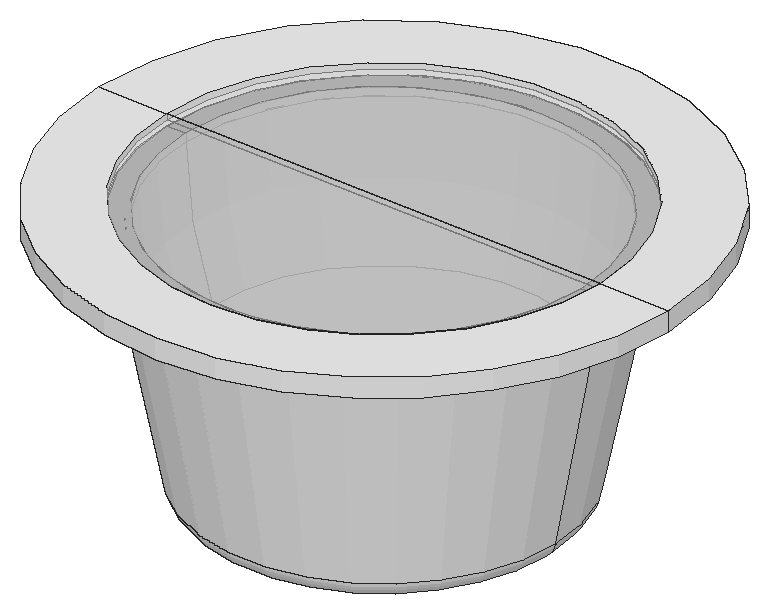
Revit family "2060578+2028036 Sylvania Lighting Fixture ASCENT 100 II ARCH 3700 4K DALI EMG 160 with IP44 Frost Glass", category Lighting Fixtures, host Face, Revit 2016
Family settings
  Host = Face
  Part Type = Normal
  Round Connector Dimension = Use Diameter
  OmniClass Number = 23.80.70.11.17
  OmniClass Title = Specialized Lighting by Location or Use
  Cut with Voids When Loaded = No
  Light Source = Yes
  Shared = No
  Room Calculation Point = No
Parameters (values of type "2060578+2028036 ASCT100 II ARCH 3700 4K DALI EMG 160 with IP44 Frost Glass Emergency mode")
  WidthBezelAcc_SYL = 25.0 mm
  Weight = "1.92 kg"
  Wattage = 1.61017 W
  WarrantyStartDate [instance] = "n/a"
  WarrantyGuarantorParts = "n/a"
  WarrantyDurationUnit = "n/a"
  WarrantyDurationParts = "n/a"
  WarrantyDescription = "n/a"
  built-in parameter 1150110 = 1 (stored number, unit not read)
  Voltage = 0 V
  VisibilityAccessory_SYL = yes
  TypeName = "ASCT100 II ARCH 3700 4K DALI EMG 160 with IP44 Frost Glass Emergency mode"
  built-in parameter 1114217 = 1 (stored number, unit not read)
  Tilt Angle = -90°
  built-in parameter 1150109 = 1 (stored number, unit not read)
  built-in parameter 1150134 = 12
  built-in parameter 1150113 = 1 (stored number, unit not read)
  SerialNumber [instance] = "n/a"
  ReflectorRadius_SYL = Radius_SYL - 14.5 mm  # 80.0 mm
  RadiusAcc_SYL = 105.0 mm
  Radius_SYL = 94.5 mm
  URL = "http://www.sylvania-lighting.com"
  PowerFactor = 0
  PowerConsumption = "32 W"
  Photometric Web File = "2060578EM.ies"
  NominalWidth = 0.0 mm
  NominalLength = 0.0 mm
  NominalHeight = 94.0 mm
  Name = "ASCT100 II ARCH 3700 4K DALI EMG 160 with IP44 Frost Glass Emergency mode"
  ModelReference = "ASCT100 II ARCH 3700 4K DALI EMG 160 with IP44 Frost Glass Emergency mode"
  ModelNumber = "2060578+2028036"
  Material_4_SYL = none
  Material_3_SYL = Polycarbonate_Sylvania_Ascent_Clear
  Material_2_SYL = Aluminium_Sylvania_Ascent_Silver
  Material_1_SYL = Aluminum_Sylvania_Ascent_White
  Material = "aluminium housing, arcylic diffuser"
  ManufacturerName = "Feilo Sylvania"
  LuminousEfficacy = "118 lm/W"
  built-in parameter 1150105 = 15.12 (stored number, unit not read)
  Lumens = 190 lm
  LuminaireType = ""
  built-in parameter 1150115 = 1 (stored number, unit not read)
  LightOutputRatio = "100"
  built-in parameter 1150137 = (empty or 0)
  built-in parameter 1150139 = (empty or 0)
  LampsType = Lamp  # "LED"
  LampNominalLuminous = "3766 lm"
  LampMacAdamStep = "3"
  LampColourTemperature = "4000 K"
  LampColourRenderingIndex = "80"
  built-in parameter 1150112 = 1 (stored number, unit not read)
  built-in parameter 1150114 = 1 (stored number, unit not read)
  Keynote = "16500"
  InstallationDate [instance] = "n/a"
  InputVoltage = "n/a"
  InputNominalFrequency = "n/a"
  built-in parameter 1150132 = (empty or 0)
  built-in parameter 1150102 = (empty or 0)
  built-in parameter 1150107 = 4000 (stored number, unit not read)
  built-in parameter 1150138 = (empty or 0)
  IngressProtection = "IP44"
  ImpactProtectionIndex = "IK02"
  built-in parameter 1150106 = 0.1512 (stored number, unit not read)
  IfcExportType = "IfcLightFixtureType"
  IfcExportAs = "IfcLightFixtureType"
  Height_SYL = 94.0 mm
  HeightAcc_SYL = 7.0 mm
  ExpectedLife = 50000
  EmittionSurface_SYL = if(VisibilityAccessory_SYL, 7.0 mm, 3.0 mm)  # 7.0 mm
  Emit from Circle Diameter = DiffuserRadius_SYL * 2  # 146.0 mm
  Emit Shape Visible in Rendering = no
  ElectricShockClassification = "Class II"
  built-in parameter 1150104 = 10.963 (stored number, unit not read)
  DurationUnit = "hours"
  DocumentationLiterature = "http://www.sylvania-lighting.com/product/en-int/products/2060578"
  DimmingControlOptions = "n/a"
  Dimming Lamp Color Temperature Shift = <None>
  DiffuserRadius_SYL = ReflectorRadius_SYL - 7.0 mm  # 73.0 mm
  Diameter_SYL = 2 * Radius_SYL  # 189.0 mm
  CutoutDiameter_SYL = Diameter_SYL - 13.0 mm  # 176.0 mm
  CreatedOn = "9/17/2018"
  CreatedBy = "@sylvania-lighting.com"
  Color Filter = 16777215
  built-in parameter 1114216 [instance] = 1 (stored number, unit not read)
  Model = "ASCT100 II ARCH 3700 4K DALI EMG 160 with IP44 Frost Glass Emergency mode"
  Manufacturer = "Feilo Sylvania"
  Lamp = "LED"
  Description = "Direct LED retro fit for original LED 100 Arch (160) single CFL lamp offering Matching lumen levels and improved light distribution of original LED 100 CFL lamp equivalents Typically half the power consumption compared to CFL Up to 112lm/W 160mm aperture Architectural reflector accepts range of glass accessories from existing LED 100 Arch 160 offering HE, HO and VHO versions equivalent of single 1 x 18W, 1 x 32W, 1 x 42W\r\n Additional VVHO versions which offer the performance circa 2 x 32W equivalent"  # constant formula
  Default Elevation = 0.0 mm
  built-in parameter 1140040 [instance] = 1
  BarCode [instance] = "n/a"
  built-in parameter 1114218 = 1 (stored number, unit not read)
  built-in parameter 1150133 = 10 (stored number, unit not read)
  AssetType = "Fixed"
  AssetIdentifier [instance] = "n/a"
  Assembly Code = "D5020200"
  Apparent Load = 1.61017 VA
  Aperture_SYL = 2 * ReflectorRadius_SYL  # 160.0 mm
Types (2, lengths in mm): name | Wattage | TypeName | Photometric Web File | Name | ModelReference | Material_3_SYL | built-in parameter 1150105 | Lumens | built-in parameter 1150106 | Model | Apparent Load
  2060578+2028036 ASCT100 II ARCH 3700 4K DALI EMG 160 with IP44 Frost Glass Emergency mode | 1.61017 W | "ASCT100 II ARCH 3700 4K DALI EMG 160 with IP44 Frost Glass Emergency mode" | "2060578EM.ies" | "ASCT100 II ARCH 3700 4K DALI EMG 160 with IP44 Frost Glass Emergency mode" | "ASCT100 II ARCH 3700 4K DALI EMG 160 with IP44 Frost Glass Emergency mode" | Polycarbonate_Sylvania_Ascent_Clear | 15.12 (stored number, unit not read) | 190 lm | 0.1512 (stored number, unit not read) | "ASCT100 II ARCH 3700 4K DALI EMG 160 with IP44 Frost Glass Emergency mode" | 1.61017 VA
  2060578+2028036 ASCT100 II ARCH 3700 4K DALI EMG 160 with IP44 Frost Glass | 32 W | "ASCENT 100 II ARCH 3700 4K DALI EMG 160 with IP44 Frost Glass" | "2060578.ies" | "ASCENT 100 II ARCH 3700 4K DALI EMG 160 with IP44 Frost Glass" | "ASCENT 100 II ARCH 3700 4K DALI EMG 160 with IP44 Frost Glass" | Polycarbonate_Sylvania_Ascent_Opal | 300.48 (stored number, unit not read) | 3776 lm | 3.0048 (stored number, unit not read) | "ASCENT 100 II ARCH 3700 4K DALI EMG 160 with IP44 Frost Glass" | 32 VA
Reference planes
  plane 1 "Center (Front/Back)": y = 0
  plane 2: z = 0
  plane 3 "Center (Left/Right)": x = 0
  plane 4 "Fixture Bottom": z = 3
  plane 5: z = -52.5
  plane 6 "Fixture Top": z = -91
  plane 7: x = -105
  plane 8: z = 7
  plane 9: x = -80
  plane 10: z = 5
  plane 11: x = -103
Forms (mm)
  Extrusion 1, solid, material "Aluminum_Sylvania_Ascent_White", detail levels fine
    sketch origin (0, 0, 0) x (1, 0, 0) y (0, 1, 0)
      loop
        circle (0, 0) r 94.5
      loop
        circle (0, 0) r 80
    from 0 to 3
  Extrusion 2, void
    sketch origin (0, 0, 0) x (1, 0, 0) y (0, 1, 0)
      loop
        circle (0, 0) r 88
    from -91 to 3
  Revolve 3, solid, material "Aluminum_Sylvania_Ascent_White" <- "Material_1_SYL", detail levels fine
    sketch origin (0, 0, 0) x (1, 0, 0) y (0, 0, 1)
      loop
        line (0, -91.073) -> (0, -89.023) -> (-55.468, -89.014)
        arc (-55.468, -89.014) -> (-59.352, -87.613) -> (-61.54, -84.139) r 6.307
        line (-61.54, -84.139) -> (-77.991, -2.844) -> (-77.991, 0) -> (-80, 0) -> (-80, -3) -> (-63.5, -84.536)
        arc (-63.5, -84.536) -> (-60.643, -89.203) -> (-55.5, -91.073) r 8.291
        line (-55.5, -91.073) -> (0, -91.073)
      axis (0, 0) -> (0, -91.073)
    angle from 0 to 360
  Revolve 4, solid, material "Aluminium_Sylvania_Ascent_Silver" <- "Material_2_SYL", detail levels fine
    sketch origin (0, 0, 0) x (1, 0, 0) y (0, 0, 1)
      loop
        line (-80, 3) -> (-80, 0) -> (-75, 0)
        arc (-75, 0) -> (-72.349, -26.77) -> (-64.5, -52.5) r 136.5
        line (-64.5, -52.5) -> (-58, -52.5)
        arc (-58, -52.5) -> (-56.857, -61.521) -> (-53.5, -69.971) r 36.166
        line (-53.5, -69.971) -> (0, -69.971) -> (0, -50.5) -> (-63.16, -50.5)
        arc (-63.16, -50.5) -> (-70.517, -25.725) -> (-73, 0) r 134.5
        line (-73, 0) -> (-73, 3) -> (-80, 3)
      axis (0, 3) -> (0, -69.971)
    angle from 0 to 360
  Extrusion 5, solid, material "Polycarbonate_Sylvania_Ascent_Clear" <- "Material_3_SYL", detail levels fine
    sketch origin (0, 0, 0) x (1, 0, 0) y (0, 1, 0)
      loop
        circle (0, 0) r 73
    from 0 to 3
  Revolve 6, solid, material "Aluminum_Sylvania_Ascent_White" <- "Material_1_SYL", detail levels coarse+medium
    sketch origin (0, 0, 0) x (1, 0, 0) y (0, 0, 1)
      loop
        line (0, -91.073) -> (0, 3) -> (-94.5, 3) -> (-94.5, 0) -> (-79.5, 0) -> (-79.5, -3) -> (-63, -84.536)
        arc (-63, -84.536) -> (-60.143, -89.203) -> (-55, -91.073) r 8.291
        line (-55, -91.073) -> (0, -91.073)
      axis (0, 3) -> (0, -91.073)
    angle from 0 to 360
  Revolve 7, solid, material "Aluminum_Sylvania_Ascent_White" <- "Material_1_SYL", visible <- "VisibilityAccessory_SYL"
    sketch origin (0, 0, 0) x (1, 0, 0) y (0, 0, 1)
      loop
        line (-105, 0) -> (-103, 0) -> (-103, 5) -> (-80, 5) -> (-80, 7) -> (-105, 7) -> (-105, 0)
      axis (0, 7) -> (0, 0)
    angle from 0 to 360
  Revolve 8, solid, material "Polycarbonate_Sylvania_Ascent_Clear" <- "Material_3_SYL", visible <- "VisibilityAccessory_SYL"
    sketch origin (0, 0, 0) x (1, 0, 0) y (0, 0, 1)
      loop
        line (-80, 7) -> (-80, 5) -> (0, 5) -> (0, 7) -> (-80, 7)
      axis (0, 7) -> (0, 5)
    angle from 0 to 360
Lines and regions (mm)
  reference lines
    curve 1: line (-150, 0, 7) -> (125, 0, 7)
Dimensions and locks
  locked: plane 4 "Fixture Bottom" to plane 2 at 3
  "Height_SYL": plane 4 "Fixture Bottom" to plane 6 "Fixture Top"
  "ReflectorRadius_SYL": plane 3 "Center (Left/Right)" to Revolve 4 sketch curve
  locked: Revolve 4 sketch curve to Revolve 4 sketch curve at 15.5
  locked: Revolve 4 sketch curve to Revolve 4 sketch curve at 5
  locked: Revolve 4 sketch curve to Revolve 4 sketch curve at 7
  locked: Revolve 4 sketch curve to Revolve 4 sketch curve at 22
  locked: Revolve 4 sketch curve to Revolve 4 sketch curve at 26.5
  locked: Revolve 3 sketch curve to Revolve 3 sketch curve at 16.5
  locked: Revolve 3 sketch curve to Revolve 3 sketch curve at 24.5
  "ReflectorRadius_SYL": Revolve 3 sketch curve to plane 3 "Center (Left/Right)"
  locked: Revolve 3 sketch curve to plane 6 "Fixture Top" at 6.464
  locked: plane 2 to Revolve 3 sketch curve at 3
  locked: Revolve 3 sketch curve to Revolve 3 sketch curve at 2
  locked: Revolve 3 sketch curve to Revolve 3 sketch curve at 2.009
  locked: plane 2 to plane 5 at 52.5
  locked: Revolve 6 sketch curve to Revolve 6 sketch curve at 31.5
  locked: Revolve 6 sketch curve to Revolve 6 sketch curve at 39.5
  locked: Revolve 6 sketch curve to Revolve 6 sketch curve at 15
  "Radius_SYL": plane 3 "Center (Left/Right)" to Revolve 6 sketch curve
  "RadiusAcc_SYL": plane 3 "Center (Left/Right)" to plane 7
  "HeightAcc_SYL": plane 8 to level
  "WidthBezelAcc_SYL": plane 7 to plane 9
  locked: plane 7 to plane 11 at 2
  locked: plane 8 to plane 10 at 2
  "EmittionSurface_SYL": curve 1 to level
  "CutoutDiameter_SYL": diameter of Extrusion 2 sketch curve
  "ReflectorRadius_SYL": radius of Extrusion 1 sketch curve
  "DiffuserRadius_SYL": radius of Extrusion 5 sketch curve
  "Radius_SYL": radius of Extrusion 1 sketch curve
  aligned and locked: host face to plane 2
  aligned and locked: host face to level
  aligned and locked: plane 4 "Fixture Bottom" to Extrusion 1
  aligned and locked: Extrusion 1 to plane 2
  aligned and locked: Revolve 3 sketch curve to plane 3 "Center (Left/Right)"
  aligned and locked: Revolve 4 sketch curve to plane 3 "Center (Left/Right)"  (x2)
  aligned and locked: plane 4 "Fixture Bottom" to Revolve 4 sketch curve
  aligned and locked: Extrusion 5 to plane 2
  aligned and locked: plane 2 to Revolve 3 sketch curve  (x2)
  aligned and locked: Revolve 6 sketch curve to plane 3 "Center (Left/Right)"
  aligned and locked: plane 6 "Fixture Top" to Extrusion 2
  aligned and locked: Revolve 7 sketch curve to plane 3 "Center (Left/Right)"
  aligned and locked: host face to Revolve 7 sketch curve  (x2)
  aligned and locked: Revolve 7 sketch curve to plane 7
  aligned and locked: plane 8 to Revolve 7 sketch curve
  aligned and locked: plane 9 to Revolve 7 sketch curve
  aligned and locked: Revolve 7 sketch curve to plane 10
  aligned and locked: plane 11 to Revolve 7 sketch curve
  aligned and locked: Revolve 7 to Revolve 8 sketch curve
  aligned and locked: Revolve 8 sketch curve to Revolve 7  (x2)
  aligned and locked: Revolve 8 sketch curve to plane 3 "Center (Left/Right)"  (x2)
  aligned and locked: plane 3 "Center (Left/Right)" to imposter light
  aligned and locked: imposter light to plane 1 "Center (Front/Back)"
  aligned and locked: imposter light to curve 1
Automatic sketch dimensions
  plane 1 "Center (Front/Back)" to Extrusion 2 sketch curve = 0.0 mm
  Extrusion 2 sketch curve to plane 3 "Center (Left/Right)" = 0.0 mm
  Extrusion 1 sketch curve to Extrusion 1 sketch curve = 0.0 mm  (x2)
  plane 1 "Center (Front/Back)" to Extrusion 1 sketch curve = 0.0 mm
  Extrusion 1 sketch curve to plane 3 "Center (Left/Right)" = 0.0 mm
  plane 6 "Fixture Top" to Revolve 3 sketch curve = 0.073 mm
  Revolve 3 sketch curve to plane 6 "Fixture Top" = 6.861 mm
  Revolve 3 sketch curve to Revolve 3 sketch curve = 0.003 mm
  Revolve 3 sketch curve to Revolve 3 sketch curve = 0.009 mm  (x2)
  Revolve 3 sketch curve to Revolve 3 sketch curve = 0.023 mm
  Revolve 3 sketch curve to Revolve 3 sketch curve = 0.072 mm
  Revolve 3 sketch curve to Revolve 3 sketch curve = 0.008 mm
  Revolve 3 sketch curve to plane 6 "Fixture Top" = 1.977 mm
  Revolve 3 sketch curve to Revolve 3 sketch curve = 33.496 mm
  Revolve 3 sketch curve to Revolve 3 sketch curve = 0.028 mm
  plane 4 "Fixture Bottom" to Revolve 3 sketch curve = 82.431 mm
  Revolve 4 sketch curve to Revolve 4 sketch curve = 0.0 mm  (x2)
  Revolve 4 sketch curve to plane 5 = 0.0 mm
  Revolve 4 sketch curve to level = 0.0 mm
  plane 5 to Revolve 4 sketch curve = 2.0 mm
  plane 4 "Fixture Bottom" to Revolve 4 sketch curve = 9.642 mm
  plane 1 "Center (Front/Back)" to Extrusion 5 sketch curve = 0.0 mm
  Extrusion 5 sketch curve to plane 3 "Center (Left/Right)" = 0.0 mm
  Revolve 4 sketch curve to level = 69.971 mm
  Revolve 4 sketch curve to Revolve 4 sketch curve = 2.387 mm
  Revolve 6 sketch curve to level = 0.0 mm
  Revolve 6 sketch curve to plane 3 "Center (Left/Right)" = 0.0 mm
  Revolve 6 sketch curve to Revolve 6 sketch curve = 8.104 mm
  Revolve 6 sketch curve to level = 3.0 mm
  Revolve 6 sketch curve to plane 6 "Fixture Top" = 6.464 mm
  plane 6 "Fixture Top" to Revolve 6 sketch curve = 0.073 mm
  Revolve 6 sketch curve to Revolve 6 sketch curve = 33.496 mm
  plane 4 "Fixture Bottom" to Revolve 6 sketch curve = 82.431 mm
  host sketch curve to host sketch curve = 1704.996 mm
  host sketch curve to host sketch curve = 1500.0 mm
  plane 6 "Fixture Top" to Revolve 7 sketch curve = 281.274 mm
  Revolve 7 sketch curve to plane 8 = 1140.706 mm
  plane 6 "Fixture Top" to Revolve 8 sketch curve = 281.274 mm
  Revolve 8 sketch curve to Revolve 8 sketch curve = 1140.706 mm
  Revolve 3 sketch curve to plane 3 "Center (Left/Right)" = 0.0 mm
  Revolve 6 sketch curve to plane 4 "Fixture Bottom" = 0.0 mm
  plane 7 to curve 1 = 45.0 mm
  plane 3 "Center (Left/Right)" to curve 1 = 125.0 mm
Connectors
  electrical at (0, 0, -91.073), driven by "Apparent Load"
    settings: on Revolve 3, index 1, voltage 240 V, apparent load 0 VA, apparent load phase1 1.61017 VA, apparent load phase2 0 VA, apparent load phase3 0 VA, power factor 1, load classification "Lighting", number of poles 1, system type 31, power factor state 1, is connector primary yes, connector utility no, sub classification motor no, connector description ""
